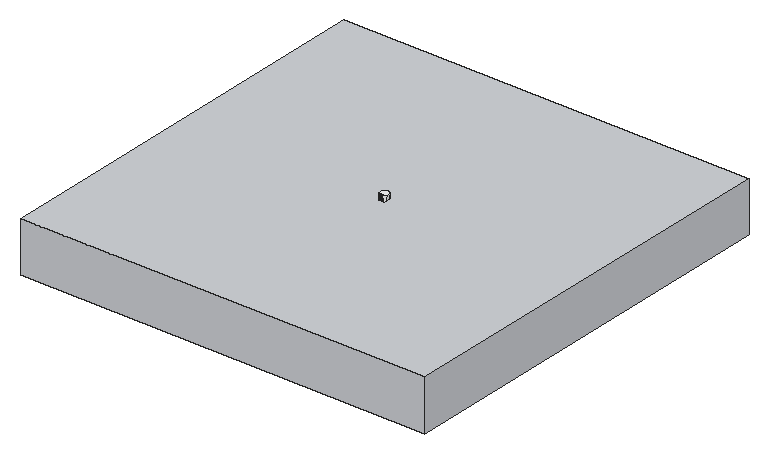
Revit family "Gira_542000", category Elektroinstallationen, Revit 2017
Family settings
  Basisbauteil = Fläche
  Beschriftungsausrichtung beibehalten = Nein
  Bemaßung runder Anschluss = Durchmesser verwenden
  Teiletyp = Normal
  Beim Laden mit Abzugskörper schneiden = Nein
  Gemeinsam genutzt = Nein
  Raumberechnungspunkt = Nein
Parameters
  Default Elevation = 1219.2 mm
  URL = "https://www.gira.de/"
  Typname = "Funk Dimmaktor 1f Mini 20 - 250 VA Gira eNet"
  Produktseite = "http://katalog.gira.de/de_DE/datenblatt.html?artikelnr=542000"
  Hersteller = "Gira"
  HAN = "542000"
  GTIN = "4010337774143"
  Datenblatt = "https://katalog.gira.de/de_DE/download.html?artikelnr=542000"
  Beschreibung = "eNet Funk Dimmaktor 1fach Mini 20 - 250 W VA  Merkmale: Mit eNet Server einstellbar:: - Vollverschlüsselte Funkübertragung (AES-CCM) ab eNet Server Software Version 2.0. - Bediensperren. - Update der Gerätesoftware. - Der eNet Funk Dimmaktor ermöglicht das Schalten und Dimmen von verschiedenen elektrischen Lasten. - Schalten und Dimmen von Glühlampen, HV-Halogenlampen, elektronischen Trafos für Halogen- oder LED-Lampen, dimmbaren induktiven Trafos für Halogen- oder LED-Lampen, HV-LED- oder Kompaktleuchtstofflampen. - Lampenschonendes Einschalten. - Einschalt- und Minimalhelligkeit für jeden Ausgang speicherbar. - Szenenbetrieb. - Statusanzeige mit LED. - Statusrückmeldung an eNet Funksensoren. - Kurzschluss- und Übertemperaturschutz. - Automatische oder manuelle Einstellung des Dimmverfahrens. Mit eNet Server einstellbar:: - Maximale Helligkeit. - Dimmverfahren. - Dimmgeschwindigkeit. - Nachlaufzeit. - Ein- bzw. Ausschaltverzögerung. - Auf- bzw. Abdimmrampe. - Abschaltvorwarnung. - Dauer-Ein, Dauer-Aus. - Hotelfunktion. - Lichtregelung. - Repeaterfunktion. - Lokalisierung des Geräts.  Hinweise : - Montage in Gerätedose, Aufputz-Gehäuse oder im Einbauadapter."
  BIM = "https://media.stage.bim.site/public/gira/876eb45/Aktor.rfa"
  Anzahl der Ausgänge = 1
Reference planes
  plane 1 "Center (Front/Back)": y = 0
  plane 2: z = 0
  plane 3 "Center (Left/Right)": x = 0
Forms (mm)
  Extrusion 1, solid
    sketch origin (0, 0, 0) x (1, 0, 0) y (0, 1, 0)
      loop
        line (-1219.2, 1219.2) -> (-1219.2, -1219.2) -> (1219.2, -1219.2) -> (1219.2, 1219.2) -> (-1219.2, 1219.2)
    from 0 to -304.8
  Extrusion 2, solid, material "White", detail levels fine
    sketch origin (0, 0, 0) x (1, 0, 0) y (0, 1, 0)
      loop
        arc (23.95, 11.047) -> (0, 26.375) -> (-23.95, 11.047) r 26.375
        line (-23.95, 11.047) -> (-23.95, -11.047)
        arc (-23.95, -11.047) -> (-18.774, -18.525) -> (-11.367, -23.8) r 26.375
        line (-11.367, -23.8) -> (11.367, -23.8)
        arc (11.367, -23.8) -> (18.774, -18.525) -> (23.95, -11.047) r 26.375
        line (23.95, -11.047) -> (23.95, 11.047)
    from 0 to 27.7
  Extrusion 3, void, detail levels fine
    sketch origin (0, 0, 0) x (1, 0, 0) y (0, 1, 0)
      loop
        circle (-10, -18.75) r 2.275
      loop
        circle (-3.75, -18.75) r 2.275
      loop
        circle (3.75, -18.75) r 2.275
      loop
        circle (10, -18.75) r 2.275
    from 0 to 27.7
  Extrusion 4, void, detail levels fine
    sketch origin (0, 0, 0) x (1, 0, 0) y (0, 0, 1)
      loop
        line (-7.5, 26.2) -> (-11.367, 26.2) -> (-12.525, 26.2) -> (-12.525, 23.7) -> (-11.367, 23.7) -> (-7.5, 23.7) -> (-7.5, 26.2)
      loop
        line (-1.2, 26.2) -> (-6.275, 26.2) -> (-6.275, 23.7) -> (-1.2, 23.7) -> (-1.2, 26.2)
      loop
        line (1.2, 26.2) -> (1.2, 23.7) -> (6.25, 23.7) -> (6.25, 26.2) -> (1.2, 26.2)
      loop
        line (7.475, 26.2) -> (7.475, 23.7) -> (11.367, 23.7) -> (12.525, 23.7) -> (12.525, 26.2) -> (11.367, 26.2) -> (7.475, 26.2)
      loop
        line (-12, 16.6) -> (-12, 12.1) -> (-8, 12.1) -> (-8, 16.6) -> (-12, 16.6)
      loop
        line (12, 12.1) -> (12, 16.6) -> (8, 16.6) -> (8, 12.1) -> (12, 12.1)
      loop
        line (5.75, 16.6) -> (1.75, 16.6) -> (1.75, 12.1) -> (5.75, 12.1) -> (5.75, 16.6)
      loop
        line (-5.75, 16.6) -> (-5.75, 12.1) -> (-1.75, 12.1) -> (-1.75, 16.6) -> (-5.75, 16.6)
    from 21.939 to 23.8
  Extrusion 5, void, detail levels fine
    sketch origin (0, 0, 0) x (1, 0, 0) y (0, 0, 1)
      loop
        line (-2, 3.5) -> (2, 3.5) -> (2, 4.762) -> (-2, 4.762) -> (-2, 3.5)
    from 21.939 to 23.8
  Extrusion 6, void, detail levels fine
    sketch origin (-1.72, -1.495, 0) x (0.438371, -0.898794, 0) y (0, 0, 1)
      loop
        line (-1.156, 3.5) -> (2.949, 3.5) -> (2.949, 4.762) -> (-1.156, 4.762) -> (-1.156, 3.5)
    from 21.939 to 24.428
  Extrusion 7, void, detail levels fine
    sketch origin (1.72, -1.495, 0) x (-0.438371, -0.898794, 0) y (0, 0, -1)
      loop
        line (-1.156, -3.5) -> (-1.156, -4.762) -> (2.949, -4.762) -> (2.949, -3.5) -> (-1.156, -3.5)
    from 21.939 to 24.428
  Extrusion 8, void, detail levels fine
    sketch origin (-1.72, 1.495, 0) x (0.438371, 0.898794, 0) y (0, 0, -1)
      loop
        line (-1.156, -3.5) -> (-1.156, -4.762) -> (2.949, -4.762) -> (2.949, -3.5) -> (-1.156, -3.5)
    from 21.939 to 24.428
  Extrusion 9, void, detail levels fine
    sketch origin (1.72, 1.495, 0) x (-0.438371, 0.898794, 0) y (0, 0, 1)
      loop
        line (-1.156, 3.5) -> (2.949, 3.5) -> (2.949, 4.762) -> (-1.156, 4.762) -> (-1.156, 3.5)
    from 21.939 to 24.428
  Extrusion 10, solid, material "White", detail levels medium
    sketch origin (0, 0, 0) x (1, 0, 0) y (0, 1, 0)
      loop
        arc (23.95, 11.047) -> (0, 26.375) -> (-23.95, 11.047) r 26.375
        line (-23.95, 11.047) -> (-23.95, -11.047)
        arc (-23.95, -11.047) -> (-18.774, -18.525) -> (-11.367, -23.8) r 26.375
        line (-11.367, -23.8) -> (11.367, -23.8)
        arc (11.367, -23.8) -> (18.774, -18.525) -> (23.95, -11.047) r 26.375
        line (23.95, -11.047) -> (23.95, 11.047)
    from 0 to 27.7
  Extrusion 11, solid, material "White", detail levels coarse
    sketch origin (0, 0, 0) x (1, 0, 0) y (0, 1, 0)
      loop
        line (-23.95, 26.375) -> (-23.95, -23.8) -> (23.95, -23.8) -> (23.95, 26.375) -> (-23.95, 26.375)
    from 0 to 27.7
Cuts and joins
  Extrusion 3, Extrusion 4, Extrusion 5, Extrusion 6, Extrusion 7, Extrusion 8, Extrusion 9 cuts Extrusion 2
Dimensions and locks
  aligned and locked: plane 2 to Extrusion 1
  aligned and locked: level to Extrusion 1
